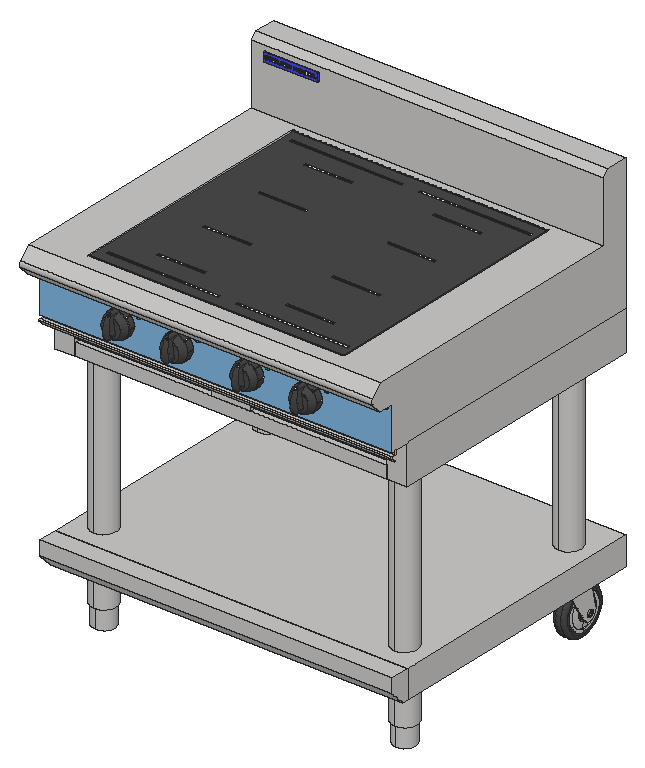
Revit family "QF_Moffat_IN514F-LS_Induction_Cooktop_cat", category Specialty Equipment, Revit 2019 (continued)
Definition of nested family "QF_LOGO_BLue Seal"
  Automatic sketch dimensions
    Extrusion 2 sketch curve to Extrusion 2 sketch curve = 0.84 mm  (x2)
    Extrusion 2 sketch curve to Extrusion 2 sketch curve = 2.448 mm
    Extrusion 2 sketch curve to Extrusion 2 sketch curve = 2.202 mm
    Extrusion 2 sketch curve to Extrusion 2 sketch curve = 2.222 mm
    Extrusion 2 sketch curve to Extrusion 2 sketch curve = 1.332 mm
    Extrusion 2 sketch curve to Extrusion 2 sketch curve = 1.12 mm  (x2)
    Extrusion 2 sketch curve to Extrusion 2 sketch curve = 0.929 mm
    Extrusion 2 sketch curve to Extrusion 2 sketch curve = 1.051 mm  (x2)
    Extrusion 2 sketch curve to Extrusion 2 sketch curve = 5.129 mm  (x2)
    Extrusion 2 sketch curve to Extrusion 2 sketch curve = 4.147 mm
    Extrusion 2 sketch curve to Extrusion 2 sketch curve = 0.516 mm
    plane 3 "LEFT" to Extrusion 2 sketch curve = 3.555 mm
    plane 3 "LEFT" to Extrusion 3 sketch curve = 8.107 mm
    Extrusion 3 sketch curve to Extrusion 3 sketch curve = 0.182 mm
    level to Extrusion 3 sketch curve = 7.231 mm
    Extrusion 3 sketch curve to Extrusion 3 sketch curve = 3.969 mm
    Extrusion 4 sketch curve to plane 3 "LEFT" = 8.107 mm
    Extrusion 4 sketch curve to Extrusion 4 sketch curve = 0.088 mm
    Extrusion 4 sketch curve to level = 7.227 mm
    Extrusion 4 sketch curve to Extrusion 4 sketch curve = 3.972 mm
Definition of nested family "6 INCHES 02_CASTER"
  Parameters (values of type "6 INCHES 02_CASTER")
    Weight = ""
    URL Manufacturer = ""
    URL Cutsheet = ""
    URL = ""
    Type Mark [instance] = ""
    Specification by User [instance] = ""
    Specification by Manufacturer = ""
    Show Casters [instance] = yes
    Serial Number = ""
    Seismic Rating = ""
    SMACNA No = ""
    Revision Code [instance] = ""
    Omniclass Number and Title = ""
    NAFEM Spec ID Number = ""
    Model = ""
    MasterSpec. = ""
    Manufacturer = ""
    Item Number [instance] = ""
    Installed By [instance] = ""
    Identify Quantity as Lot [instance] = yes
    Furnished By [instance] = ""
    Foodservice Equipment Identifier [instance] = yes
    Description = ""
    CSI MasterFormat = ""
    CSI Master Format = ""
  Reference planes
    plane 1 "BACK": y = 0
    plane 2: z = 0
    plane 3 "LEFT": x = 0
    plane 4 "RIGHT": x = 0
    plane 5 "FRONT": y = 0
    plane 6 "TOP": z = 150
  Forms (mm)
    Revolve 1, solid, visible <- "Show Casters"
      sketch origin (-56.335, 0, -6.35) x (-1, 0, 0) y (0, 0, 1)
        loop
          line (-56.335, 152.4) -> (-56.335, 141.118) -> (-23.798, 141.118) -> (-23.798, 152.4) -> (-56.335, 152.4)
        axis (-56.335, 141.118) -> (-56.335, 152.4)
      angle from 0 to 360
    Extrusion 2, solid, visible <- "Show Casters"
      sketch origin (6.501, 53.083, -4.762) x (0, 1, 0) y (0, 0, 1)
        loop
          line (-85.799, 139.531) -> (-85.799, 133.181) -> (-42.478, 58.614)
          arc (-42.478, 58.614) -> (-16.638, 50.199) -> (-6.442, 75.39) r 19.923
          line (-6.442, 75.39) -> (-20.366, 139.531) -> (-85.799, 139.531)
      from 20.058 to 22.923
    Extrusion 3, solid, visible <- "Show Casters"
      sketch origin (0, 0, 146.05) x (0, 1, 0) y (-1, 0, 0)
        loop
          circle (0, 0) r 19.05
      from 0 to 3.95
    Extrusion 4, solid, visible <- "Show Casters"
      sketch origin (-6.501, 53.083, -4.762) x (0, 1, 0) y (0, 0, -1)
        loop
          line (-85.799, -133.181) -> (-85.799, -139.531) -> (-20.366, -139.531) -> (-6.442, -75.39)
          arc (-6.442, -75.39) -> (-16.638, -50.199) -> (-42.478, -58.614) r 19.923
          line (-42.478, -58.614) -> (-85.799, -133.181)
      from 20.058 to 22.923
    Extrusion 5, solid, visible <- "Show Casters"
      sketch origin (0, -3.253, 19.05) x (0, 1, 0) y (0, 0, 1)
        loop
          line (-29.464, 115.718) -> (-29.464, 109.368) -> (35.969, 109.368) -> (35.969, 115.718) -> (-29.464, 115.718)
      from -26.559 to 26.559
    Revolve 6, solid, visible <- "Show Casters"
      sketch origin (-49.213, 28.39, -3.252) x (1, 0, 0) y (0, 0, 1)
        loop
          line (14.841, 65.192) -> (14.841, 61.686) -> (16.111, 60.416) -> (17.635, 60.416) -> (17.635, 56.97) -> (29.782, 56.97) -> (29.782, 46.925) -> (33.069, 45.027) -> (36.232, 25.477) -> (32.544, 25.477) -> (32.544, 19.127) -> (33.338, 19.127) -> (33.338, 12.777)
          arc (33.338, 12.777) -> (36.127, 6.041) -> (42.863, 3.252) r 9.525
          line (42.863, 3.252) -> (55.563, 3.252)
          arc (55.563, 3.252) -> (62.298, 6.041) -> (65.088, 12.777) r 9.525
          line (65.088, 12.777) -> (65.088, 19.127) -> (65.881, 19.127) -> (65.881, 25.477) -> (62.193, 25.477) -> (65.371, 45.116) -> (68.644, 47.006) -> (68.644, 56.97) -> (80.79, 56.97) -> (80.79, 60.416) -> (82.314, 60.416) -> (83.584, 61.686) -> (83.584, 65.192) -> (14.841, 65.192)
        axis (14.841, 65.192) -> (83.584, 65.192)
      angle from 0 to 360
  Cuts and joins
    joined: Extrusion 2, Extrusion 4, Extrusion 5
  Lines and regions (mm)
    symbolic lines, visible <- "Show Casters"
      curve 1: line (11.652, 51.878, 0) -> (39.148, 36.003, 0)
      curve 2: line (-39.148, -36.11, 0) -> (-20.098, -3.115, 0)
      curve 3: line (-11.652, -51.985, 0) -> (-39.148, -36.11, 0)
      curve 4: line (39.148, 36.003, 0) -> (20.098, 3.007, 0)
      curve 5: line (-7.398, 18.882, 0) -> (11.652, 51.878, 0)
      curve 6: line (7.398, -18.99, 0) -> (-11.652, -51.985, 0)
  Dimensions and locks
    plane 6 "TOP" to level = 150 mm  (x2)
    aligned and locked: level to plane 2
Definition of nested family "Knob"
  Parameters (values of type "Knob")
    Weight in Pounds = 0
    URL Cutsheet = ""
    Specification by User = ""
    Specification by Manufacturer = ""
    Serial Number = ""
    Seismic Rating = ""
    SMACNA No = ""
    Revision Code = ""
    NAFEM Spec ID Number = ""
    Masterspec = ""
    Length = 65 mm
    Item Number = ""
    Installed By = ""
    Identify Quantity as Lot = yes
    Height = 69.5 mm
    Furnished By = ""
    Foodservice Equipment Identifier = yes
    Depth = 59 mm
    CSI MasterFormat = ""
  Reference planes
    plane 1 "BACK": y = 0
    plane 2: z = 0
    plane 3 "LEFT": x = 0
    plane 4 "RIGHT": x = 65
    plane 5 "FRONT": y = -59
    plane 6 "TOP": z = 69.5
    plane 7 "Center Y": x = 32.5
    plane 8 "Center X": y = -29.5
  Forms (mm)
    Revolve 1, solid
      sketch origin (32.5, 175.397, 1219.2) x (0, 1, 0) y (0, 0, 1)
        loop
          line (-175.397, -1186.7) -> (-219.397, -1186.7) -> (-219.397, -1211.501) -> (-202.106, -1219.2) -> (-185.397, -1219.2) -> (-185.397, -1191.7) -> (-175.397, -1191.7) -> (-175.397, -1186.7)
        axis (-219.397, -1186.7) -> (-175.397, -1186.7)
      angle from 0 to 360
    Extrusion 2, solid
      sketch origin (32.5, 175.397, 1219.2) x (0, 1, 0) y (0, 0, 1)
        loop
          line (-202.106, -1154.2) -> (-185.397, -1154.2) -> (-185.397, -1149.7) -> (-224.105, -1149.7)
          arc (-224.105, -1149.7) -> (-233.965, -1178.467) -> (-230.696, -1208.7) r 70
          line (-230.696, -1208.7) -> (-219.397, -1208.7) -> (-219.397, -1161.899) -> (-202.106, -1154.2)
      from -15 to 15
    Extrusion 3, void
      sketch origin (0, 0, 0) x (1, 0, 0) y (0, 0, 1)
        loop
          line (27.501, 64.613) -> (22.02, 20.585)
          arc (22.02, 20.585) -> (32.792, 10.488) -> (42.986, 21.169) r 10.487
          line (42.986, 21.169) -> (37.499, 64.613)
          arc (37.499, 64.613) -> (32.5, 69.5) -> (27.501, 64.613) r 5
        loop
          line (10, 72.977) -> (10, 5.625) -> (55, 5.625) -> (55, 72.977) -> (10, 72.977)
      from 6.142 to 69.687
    Extrusion 4, solid
      sketch origin (0, -34.115, -16.916) x (1, 0, 0) y (0, 0.45399, 0.891007)
        loop
          circle (32.497, 65) r 2
      from 51.525 to 53.075
    Extrusion 5, solid
      sketch origin (32.5, -10, 32.5) x (0, 0, -1) y (-1, 0, 0)
        loop
          line (-23.54, -22.408) -> (-24.106, -22.974)
          arc (-24.106, -22.974) -> (-23.547, -23.547) -> (-22.974, -24.106) r 33.3
          line (-22.974, -24.106) -> (-22.408, -23.54)
          arc (-22.408, -23.54) -> (-22.981, -22.981) -> (-23.54, -22.408) r 32.5
        loop
          arc (-0.8, -33.29) -> (0, -33.3) -> (0.8, -33.29) r 33.3
          line (0.8, -33.29) -> (0.8, -32.49)
          arc (0.8, -32.49) -> (0, -32.5) -> (-0.8, -32.49) r 32.5
          line (-0.8, -32.49) -> (-0.8, -33.29)
        loop
          arc (23.54, -22.408) -> (22.981, -22.981) -> (22.408, -23.54) r 32.5
          line (22.408, -23.54) -> (22.974, -24.106)
          arc (22.974, -24.106) -> (23.547, -23.547) -> (24.106, -22.974) r 33.3
          line (24.106, -22.974) -> (23.54, -22.408)
        loop
          arc (-23.54, 22.408) -> (-22.981, 22.981) -> (-22.408, 23.54) r 32.5
          line (-22.408, 23.54) -> (-22.974, 24.106)
          arc (-22.974, 24.106) -> (-23.547, 23.547) -> (-24.106, 22.974) r 33.3
          line (-24.106, 22.974) -> (-23.54, 22.408)
        loop
          line (-0.8, 33.29) -> (-0.8, 32.49)
          arc (-0.8, 32.49) -> (0, 32.5) -> (0.8, 32.49) r 32.5
          line (0.8, 32.49) -> (0.8, 33.29)
          arc (0.8, 33.29) -> (0, 33.3) -> (-0.8, 33.29) r 33.3
        loop
          line (32.49, -0.8) -> (33.29, -0.8)
          arc (33.29, -0.8) -> (33.3, 0) -> (33.29, 0.8) r 33.3
          line (33.29, 0.8) -> (32.49, 0.8)
          arc (32.49, 0.8) -> (32.5, 0) -> (32.49, -0.8) r 32.5
        loop
          arc (24.106, 22.974) -> (23.547, 23.547) -> (22.974, 24.106) r 33.3
          line (22.974, 24.106) -> (22.408, 23.54)
          arc (22.408, 23.54) -> (22.981, 22.981) -> (23.54, 22.408) r 32.5
          line (23.54, 22.408) -> (24.106, 22.974)
      from 0 to -16.709
  Cuts and joins
    Extrusion 3 cuts Extrusion 2
  Dimensions and locks
    equal spacing: plane 3 "LEFT", plane 7 "Center Y", plane 4 "RIGHT"
    "Length": plane 3 "LEFT" to plane 4 "RIGHT"
    equal spacing: plane 5 "FRONT", plane 8 "Center X", plane 1 "BACK"
    "Depth": plane 5 "FRONT" to plane 1 "BACK"
    "Height": plane 6 "TOP" to level
    plane 4 "RIGHT" to plane 3 "LEFT" = 65 mm
    aligned and locked: level to plane 2
  Automatic sketch dimensions
    Revolve 1 sketch curve to level = 0 mm
    Revolve 1 sketch curve to plane 1 "BACK" = 0 mm  (x2)
    plane 1 "BACK" to Revolve 1 sketch curve = 10 mm
    plane 8 "Center X" to Revolve 1 sketch curve = 2.791 mm
    Revolve 1 sketch curve to plane 8 "Center X" = 14.5 mm
    level to Revolve 1 sketch curve = 7.699 mm
    level to Revolve 1 sketch curve = 27.5 mm
    Revolve 1 sketch curve to Revolve 1 sketch curve = 5 mm
    Revolve 1 sketch curve to Revolve 1 sketch curve = 35 mm
    Revolve 1 sketch curve to Revolve 1 sketch curve = 0 mm
    Extrusion 2 sketch curve to plane 6 "TOP" = 0 mm
    Extrusion 2 sketch curve to plane 5 "FRONT" = 3.702 mm
    Extrusion 2 sketch curve to plane 5 "FRONT" = 10.293 mm
    Extrusion 2 sketch curve to Extrusion 2 sketch curve = 11.298 mm
    plane 8 "Center X" to Extrusion 2 sketch curve = 2.791 mm
    plane 1 "BACK" to Extrusion 2 sketch curve = 10 mm
    Extrusion 2 sketch curve to plane 1 "BACK" = 11 mm
    Extrusion 2 sketch curve to plane 6 "TOP" = 4.5 mm
    Extrusion 2 sketch curve to plane 6 "TOP" = 12.199 mm
    level to Extrusion 2 sketch curve = 32.962 mm
    level to Extrusion 3 sketch curve = 5.625 mm
    Extrusion 3 sketch curve to plane 7 "Center Y" = 0 mm  (x2)
    Extrusion 3 sketch curve to plane 7 "Center Y" = 4.999 mm
    Extrusion 3 sketch curve to plane 7 "Center Y" = 10.48 mm
    plane 6 "TOP" to Extrusion 3 sketch curve = 3.477 mm
    plane 3 "LEFT" to Extrusion 3 sketch curve = 10 mm
    Extrusion 3 sketch curve to plane 6 "TOP" = 4.887 mm
    Extrusion 3 sketch curve to Extrusion 3 sketch curve = 4.999 mm
    plane 7 "Center Y" to Extrusion 3 sketch curve = 10.486 mm
    level to Extrusion 3 sketch curve = 20.585 mm
    Extrusion 3 sketch curve to Extrusion 3 sketch curve = 0.387 mm
    Extrusion 3 sketch curve to Extrusion 3 sketch curve = 0.113 mm
    plane 4 "RIGHT" to Extrusion 3 sketch curve = 10 mm
    Extrusion 5 sketch curve to Revolve 1 = 32.49 mm
    Revolve 1 to Extrusion 5 sketch curve = 32.49 mm
    Extrusion 5 sketch curve to Revolve 1 = 23.54 mm  (x2)
    Revolve 1 to Extrusion 5 sketch curve = 23.54 mm  (x2)
    Extrusion 5 sketch curve to Revolve 1 = 24.106 mm  (x2)
    Revolve 1 to Extrusion 5 sketch curve = 24.106 mm  (x2)
    Revolve 1 to Extrusion 5 sketch curve = 22.408 mm  (x2)
    Extrusion 5 sketch curve to Revolve 1 = 22.408 mm  (x2)
    Revolve 1 to Extrusion 5 sketch curve = 22.974 mm  (x2)
    Extrusion 5 sketch curve to Revolve 1 = 22.974 mm  (x2)
    Extrusion 5 sketch curve to Extrusion 5 sketch curve = 1.6 mm  (x2)
    Revolve 1 to Extrusion 5 sketch curve = 0.8 mm
    Extrusion 5 sketch curve to Revolve 1 = 0.8 mm
    Extrusion 4 sketch curve to plane 7 "Center Y" = 0.003 mm
    radius of Extrusion 5 sketch curve to Revolve 1 = 0 mm  (x7)
    radius of Revolve 1 to Extrusion 5 sketch curve = 0.8 mm  (x7)
    radius of Extrusion 4 sketch curve = 2 mm
